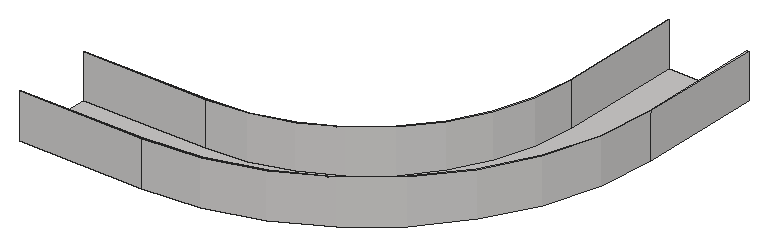
Revit family "S4R_OBO BETTERMANN_CableTray_Bend_Horizontal_WRB FS", category Cable Tray Fittings, Revit 2012
Parameters
  Wholesaler art.no. = ""
  Wholesaler = ""
  Watermarked By = "www.stabiplan.com"
  WIDTH2 [instance] = WIDTH1  # 200 mm
  WIDTH1 [instance] = 200 mm
  VERSION = "91900"  # constant formula
  URL = "www.stabiplan.com"
  built-in parameter 1140111 [instance] = 2.6 mm
  TYPE [instance] = "WRB FS"  # constant formula
  StabiCAD_PM = ""
  Safe_Half_Width2 [instance] = if(not([built-in parameter 1140115] > Half_Width2), [built-in parameter 1140115] - 0.2 mm, Half_Width2)  # 100 mm
  Safe_Half_Width1 [instance] = if(not([built-in parameter 1140115] > Half_Width1), [built-in parameter 1140115] - 0.2 mm, Half_Width1)  # 100 mm
  Manufacturer = "OBO BETTERMANN"  # constant formula
  Lmin [instance] = if(LENGTH1 > LENGTH2, LENGTH2, LENGTH1) - L2_Tail  # 600 mm
  PRODUCTLINE [instance] = "OBO BETTERMANN CableTrays"  # constant formula
  LENGTH2 [instance] = if(and(WIDTH1 = 200 mm, HEIGHT1 = 110 mm, ANGLE2 = 90.00°), 900 mm, if(and(WIDTH1 = 300 mm, HEIGHT1 = 110 mm, ANGLE2 = 90.00°), 950 mm, if(and(WIDTH1 = 400 mm, HEIGHT1 = 110 mm, ANGLE2 = 90.00°), 1000 mm, if(and(WIDTH1 = 500 mm, HEIGHT1 = 110 mm, ANGLE2 = 90.00°), 1050 mm, if(and(WIDTH1 = 600 mm, HEIGHT1 = 110 mm, ANGLE2 = 90.00°), 1100 mm, if(and(WIDTH1 = 200 mm, HEIGHT1 = 160 mm, ANGLE2 = 90.00°), 900 mm, if(and(WIDTH1 = 300 mm, HEIGHT1 = 160 mm, ANGLE2 = 90.00°), 950 mm, if(and(WIDTH1 = 400 mm, HEIGHT1 = 160 mm, ANGLE2 = 90.00°), 1000 mm, if(and(WIDTH1 = 500 mm, HEIGHT1 = 160 mm, ANGLE2 = 90.00°), 1050 mm, if(and(WIDTH1 = 600 mm, HEIGHT1 = 160 mm, ANGLE2 = 90.00°), 1100 mm, 300 mm + WIDTH1))))))))))  # 900 mm
  LENGTH1 [instance] = if(and(WIDTH1 = 200 mm, HEIGHT1 = 110 mm, ANGLE2 = 90.00°), 900 mm, if(and(WIDTH1 = 300 mm, HEIGHT1 = 110 mm, ANGLE2 = 90.00°), 950 mm, if(and(WIDTH1 = 400 mm, HEIGHT1 = 110 mm, ANGLE2 = 90.00°), 1000 mm, if(and(WIDTH1 = 500 mm, HEIGHT1 = 110 mm, ANGLE2 = 90.00°), 1050 mm, if(and(WIDTH1 = 600 mm, HEIGHT1 = 110 mm, ANGLE2 = 90.00°), 1100 mm, if(and(WIDTH1 = 200 mm, HEIGHT1 = 160 mm, ANGLE2 = 90.00°), 900 mm, if(and(WIDTH1 = 300 mm, HEIGHT1 = 160 mm, ANGLE2 = 90.00°), 950 mm, if(and(WIDTH1 = 400 mm, HEIGHT1 = 160 mm, ANGLE2 = 90.00°), 1000 mm, if(and(WIDTH1 = 500 mm, HEIGHT1 = 160 mm, ANGLE2 = 90.00°), 1050 mm, if(and(WIDTH1 = 600 mm, HEIGHT1 = 160 mm, ANGLE2 = 90.00°), 1100 mm, 300 mm + WIDTH1))))))))))  # 900 mm
  L2_Tail [instance] = 300 mm  # constant formula
  L1_Tail [instance] = 300 mm  # constant formula
  Internal art.no. = ""
  ISCUSTOM [instance] = if(and(WIDTH1 = 200 mm, HEIGHT1 = 110 mm, ANGLE2 = 90.00°), 1 = 0, if(and(WIDTH1 = 300 mm, HEIGHT1 = 110 mm, ANGLE2 = 90.00°), 1 = 0, if(and(WIDTH1 = 400 mm, HEIGHT1 = 110 mm, ANGLE2 = 90.00°), 1 = 0, if(and(WIDTH1 = 500 mm, HEIGHT1 = 110 mm, ANGLE2 = 90.00°), 1 = 0, if(and(WIDTH1 = 600 mm, HEIGHT1 = 110 mm, ANGLE2 = 90.00°), 1 = 0, if(and(WIDTH1 = 200 mm, HEIGHT1 = 160 mm, ANGLE2 = 90.00°), 1 = 0, if(and(WIDTH1 = 300 mm, HEIGHT1 = 160 mm, ANGLE2 = 90.00°), 1 = 0, if(and(WIDTH1 = 400 mm, HEIGHT1 = 160 mm, ANGLE2 = 90.00°), 1 = 0, if(and(WIDTH1 = 500 mm, HEIGHT1 = 160 mm, ANGLE2 = 90.00°), 1 = 0, if(and(WIDTH1 = 600 mm, HEIGHT1 = 160 mm, ANGLE2 = 90.00°), 1 = 0, 1 = 1))))))))))  # no
  IFCExportType = ""
  IFCExportAs = ""
  Half_Width2 [instance] = WIDTH2 / 2  # 100 mm
  Half_Width1 [instance] = WIDTH1 / 2  # 100 mm
  HEIGHT2 [instance] = HEIGHT1  # 110 mm
  HEIGHT1 [instance] = 110 mm
  GTINNUMBER [instance] = if(and(WIDTH1 = 200 mm, HEIGHT1 = 110 mm, ANGLE2 = 90.00°), "4012196033676", if(and(WIDTH1 = 300 mm, HEIGHT1 = 110 mm, ANGLE2 = 90.00°), "4012196351916", if(and(WIDTH1 = 400 mm, HEIGHT1 = 110 mm, ANGLE2 = 90.00°), "4012196351978", if(and(WIDTH1 = 500 mm, HEIGHT1 = 110 mm, ANGLE2 = 90.00°), "4012196352036", if(and(WIDTH1 = 600 mm, HEIGHT1 = 110 mm, ANGLE2 = 90.00°), "4012196352098", if(and(WIDTH1 = 200 mm, HEIGHT1 = 160 mm, ANGLE2 = 90.00°), "4012196335237", if(and(WIDTH1 = 300 mm, HEIGHT1 = 160 mm, ANGLE2 = 90.00°), "4012196335299", if(and(WIDTH1 = 400 mm, HEIGHT1 = 160 mm, ANGLE2 = 90.00°), "4012196335350", if(and(WIDTH1 = 500 mm, HEIGHT1 = 160 mm, ANGLE2 = 90.00°), "4012196335411", if(and(WIDTH1 = 600 mm, HEIGHT1 = 160 mm, ANGLE2 = 90.00°), "4012196335473", "Unknown"))))))))))  # "4012196033676"
  ETIM article class = ""
  Description = "Horizontal CableTray Bend"
  DEEPLINK = "http://catalog1.obo-bettermann.com/catalogue/catalogue.do?forward=showProductGroup&act=showIO&favOid=kts_22107&action=showManyProducts&lang=de&OID=kts_22107&catId="
  Copyright = "© Stabiplan BV / Stabiplan International BV"  # constant formula
  CT2 [instance] = 1
  CT1 [instance] = 1
  BodyColor = Steel
  built-in parameter 1140115 [instance] = Lmin / tan(ANGLE2 / 2)  # 600 mm
  ARTICLENUMBER [instance] = if(and(WIDTH1 = 200 mm, HEIGHT1 = 110 mm, ANGLE2 = 90.00°), "6098304", if(and(WIDTH1 = 300 mm, HEIGHT1 = 110 mm, ANGLE2 = 90.00°), "6098308", if(and(WIDTH1 = 400 mm, HEIGHT1 = 110 mm, ANGLE2 = 90.00°), "6098312", if(and(WIDTH1 = 500 mm, HEIGHT1 = 110 mm, ANGLE2 = 90.00°), "6098316", if(and(WIDTH1 = 600 mm, HEIGHT1 = 110 mm, ANGLE2 = 90.00°), "6098320", if(and(WIDTH1 = 200 mm, HEIGHT1 = 160 mm, ANGLE2 = 90.00°), "6098703", if(and(WIDTH1 = 300 mm, HEIGHT1 = 160 mm, ANGLE2 = 90.00°), "6098707", if(and(WIDTH1 = 400 mm, HEIGHT1 = 160 mm, ANGLE2 = 90.00°), "6098711", if(and(WIDTH1 = 500 mm, HEIGHT1 = 160 mm, ANGLE2 = 90.00°), "6098715", if(and(WIDTH1 = 600 mm, HEIGHT1 = 160 mm, ANGLE2 = 90.00°), "6098719", "Unknown"))))))))))  # "6098304"
  ARTICLEDESCRIPTION [instance] = "Horizontal CableTray Bend"
  ANGLE2 [instance] = 90.00°
Reference planes
  plane 1 "Center (Front/Back)": y = 0
  plane 2: z = 0
  plane 3 "Center (Left/Right)": x = 0
  plane 4: y = 600
  plane 5: x = -600
Forms (mm)
  Sweep 1, solid, material "Steel" <- "BodyColor", detail levels medium
    path in 3D
      loop
        line (-600, 0, 0) -> (-900, 0, 0)
    profile origin (-750, 0, 0) x (0, -1, 0) y (0, 0, 1)
      loop
        line (-100, 55) -> (-100, -55) -> (100, -55) -> (100, 55) -> (-100, 55)
  Sweep 2, solid, material "Steel" <- "BodyColor", detail levels medium
    path in 3D
      loop
        line (0, 600, 0) -> (0, 900, 0)
    profile origin (0, 750, 0) x (-1, 0, 0) y (0, 0, 1)
      loop
        line (100, -55) -> (100, 55) -> (-100, 55) -> (-100, -55) -> (100, -55)
  SweptBlend 3, solid, material "Steel" <- "BodyColor", detail levels medium
    path in 3D
      loop
        arc (-600, 0, 0) -> (-175.736, 175.736, 0) -> (0, 600, 0) r 600
    profile origin (-600, 0, 0) x (0, 1, 0) y (0, 0, 1)
      loop
        line (100, 55) -> (-100, 55) -> (-100, -55) -> (100, -55) -> (100, 55)
    end profile origin (0, 600, 0) x (-1, 0, 0) y (0, 0, 1)
      loop
        line (100, 55) -> (-100, 55) -> (-100, -55) -> (100, -55) -> (100, 55)
  Sweep 4, solid, material "Steel" <- "BodyColor", detail levels fine
    path in 3D
      loop
        line (-600, 0, 0) -> (-900, 0, 0)
    profile origin (-750, 0, 0) x (0, -1, 0) y (0, 0, 1)
      loop
        line (-100, 55) -> (-100, -55) -> (100, -55) -> (100, 55) -> (97.4, 55) -> (97.4, -52.4) -> (-97.4, -52.4) -> (-97.4, 55) -> (-100, 55)
  Sweep 5, solid, material "Steel" <- "BodyColor", detail levels fine
    path in 3D
      loop
        line (0, 600, 0) -> (0, 900, 0)
    profile origin (0, 750, 0) x (-1, 0, 0) y (0, 0, 1)
      loop
        line (-100, 55) -> (-100, -55) -> (100, -55) -> (100, 55) -> (97.4, 55) -> (97.4, -52.4) -> (-97.4, -52.4) -> (-97.4, 55) -> (-100, 55)
  SweptBlend 6, solid, material "Steel" <- "BodyColor", detail levels fine
    path in 3D
      loop
        arc (-600, 0, 0) -> (-175.736, 175.736, 0) -> (0, 600, 0) r 600
    profile origin (-600, 0, 0) x (0, 1, 0) y (0, 0, 1)
      loop
        line (100, 55) -> (97.4, 55) -> (97.4, -52.4) -> (-97.4, -52.4) -> (-97.4, 55) -> (-100, 55) -> (-100, -55) -> (100, -55) -> (100, 55)
    end profile origin (0, 600, 0) x (-1, 0, 0) y (0, 0, 1)
      loop
        line (100, 55) -> (97.4, 55) -> (97.4, -52.4) -> (-97.4, -52.4) -> (-97.4, 55) -> (-100, 55) -> (-100, -55) -> (100, -55) -> (100, 55)
Cuts and joins
  joined: Sweep 4, Sweep 5, SweptBlend 6
  joined: Sweep 1, Sweep 2, SweptBlend 3
Lines and regions (mm)
  reference lines
    curve 1: line (-600, 600, 0) -> (-600, 0, 0)
    curve 2: line (-600, 0, 0) -> (0, 0, 0)
    curve 3: line (0, 0, 0) -> (0, 600, 0)
    curve 4: line (0, 600, 0) -> (-600, 600, 0)
    curve 5: arc (-600, 0, 0) -> (-175.736, 175.736, 0) -> (0, 600, 0) r 600
    curve 6: line (-600, 0, 0) -> (-900, 0, 0)
    curve 7: line (0, 600, 0) -> (0, 900, 0)
  model lines, detail levels coarse
    curve 8: line (-1149, 0, 0) -> (-1150, 0, 0)
    curve 9: line (-49, 850, 0) -> (-49, 851, 0)
  sketch lines
    curve 10: line (-600, 0, 0) -> (-900, 0, 0)
    curve 11: line (0, 600, 0) -> (0, 900, 0)
    curve 12: arc (-600, 0, 0) -> (-175.736, 175.736, 0) -> (0, 600, 0) r 600
    curve 13: line (-600, 0, 0) -> (-900, 0, 0)
    curve 14: line (0, 600, 0) -> (0, 900, 0)
    curve 15: arc (-600, 0, 0) -> (-175.736, 175.736, 0) -> (0, 600, 0) r 600
  model lines, style "Coarse", detail levels coarse
    curve 16: line (-600, 0, 0) -> (-900, 0, 0)
    curve 17: arc (-600, 0, 0) -> (-175.736, 175.736, 0) -> (0, 600, 0) r 600
    curve 18: line (0, 600, 0) -> (0, 900, 0)
Dimensions and locks
  "Lmin": plane 5 to plane 3 "Center (Left/Right)"
  "built-in parameter 1140115": plane 4 to plane 1 "Center (Front/Back)"
  "built-in parameter 1140115": curve 4 to curve 4
  "built-in parameter 1140115": plane 1 "Center (Front/Back)" to curve 1
  "L1_Tail": curve 6 to curve 6
  "L2_Tail": curve 7 to curve 7
  equal spacing: Sweep 1 sketch curve, profile plane, Sweep 1 sketch curve  (x2)
  "WIDTH1": Sweep 1 sketch curve to Sweep 1 sketch curve
  "HEIGHT1": Sweep 1 sketch curve to Sweep 1 sketch curve
  equal spacing: Sweep 2 sketch curve, profile plane, Sweep 2 sketch curve  (x2)
  "WIDTH2": Sweep 2 sketch curve to Sweep 2 sketch curve
  "HEIGHT2": Sweep 2 sketch curve to Sweep 2 sketch curve
  equal spacing: SweptBlend 3 sketch curve, profile plane, SweptBlend 3 sketch curve  (x2)
  "HEIGHT1": SweptBlend 3 sketch curve to SweptBlend 3 sketch curve
  "HEIGHT2": SweptBlend 3 sketch curve to SweptBlend 3 sketch curve
  equal spacing: Sweep 4 sketch curve, profile plane, Sweep 4 sketch curve  (x3)
  "HEIGHT1": Sweep 4 sketch curve to Sweep 4 sketch curve
  "WIDTH1": Sweep 4 sketch curve to Sweep 4 sketch curve
  "built-in parameter 1140111": Sweep 4 sketch curve to Sweep 1  (x2)
  "built-in parameter 1140111": Sweep 1 to Sweep 4 sketch curve
  equal spacing: Sweep 5 sketch curve, profile plane, Sweep 5 sketch curve  (x3)
  "HEIGHT2": Sweep 5 sketch curve to Sweep 5 sketch curve
  "WIDTH2": Sweep 5 sketch curve to Sweep 5 sketch curve
  "built-in parameter 1140111": Sweep 5 sketch curve to Sweep 5 sketch curve  (x3)
  "built-in parameter 1140111": SweptBlend 6 sketch curve to SweptBlend 6 sketch curve  (x6)
  equal spacing: SweptBlend 6 sketch curve, profile plane, SweptBlend 6 sketch curve  (x4)
  "HEIGHT1": SweptBlend 6 sketch curve to SweptBlend 6 sketch curve
  "HEIGHT2": SweptBlend 6 sketch curve to SweptBlend 6 sketch curve
  "Safe_Half_Width1": profile plane to SweptBlend 6 sketch curve
  "Half_Width1": SweptBlend 6 sketch curve to profile plane
  "Safe_Half_Width2": SweptBlend 6 sketch curve to profile plane
  "Half_Width2": profile plane to SweptBlend 6 sketch curve
  "Safe_Half_Width1": profile plane to SweptBlend 3 sketch curve
  "Half_Width1": SweptBlend 3 sketch curve to profile plane
  "Safe_Half_Width2": SweptBlend 3 sketch curve to profile plane
  "Half_Width2": profile plane to SweptBlend 3 sketch curve
  "built-in parameter 1140115": radius of curve 5
  "ANGLE2": angle plane 5 to curve 4
  locked: curve 7 to curve 4 (angle 90.00°)
  "ANGLE2": angle plane 1 "Center (Front/Back)" to curve 18
  aligned and locked: level to plane 2
  aligned and locked: plane 1 "Center (Front/Back)" to curve 2  (x2)
  aligned and locked: plane 3 "Center (Left/Right)" to curve 2
  aligned and locked: curve 1 to plane 5
  aligned and locked: curve 17 to curve 5
  aligned and locked: SweptBlend 3 to curve 18
  aligned and locked: Sweep 2 to curve 18
Automatic sketch dimensions
  plane 1 "Center (Front/Back)" to curve 8 = 0 mm
  curve 8 to curve 16 = 249 mm
  curve 8 to curve 8 = 1 mm
  curve 9 to plane 3 "Center (Left/Right)" = 49 mm
  plane 4 to curve 9 = 250 mm
  curve 9 to curve 9 = 1 mm
  curve 16 to plane 5 = 300 mm
Connectors
  cabletrayconduit at (-900, 0, 0), driven by "HEIGHT1", driven by "WIDTH1", driven by "ANGLE2"
    settings: on Sweep 1, index 1, connector width 200 mm, connector height 110 mm, connector radius 300 mm, connector angle 90.00°, system type 32, placement type 0, profile type 1, connector reference index 2, is primary connector yes, connector utility param no, connector description ""
  cabletrayconduit at (0, 900, 0), driven by "ANGLE2", driven by "HEIGHT2", driven by "WIDTH2"
    settings: on Sweep 2, index 2, connector width 200 mm, connector height 110 mm, connector radius 300 mm, connector angle 90.00°, system type 32, placement type 0, profile type 1, connector reference index 1, is primary connector no, connector utility param no, connector description ""
